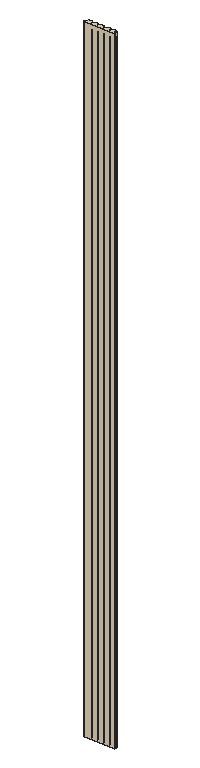
Revit family "HOB_GEN_Symphony_Cello_4B", category Generic Models, Revit 2026
Family settings
  Can host rebar = No
  Round Connector Dimension = Use Diameter
  Part Type = Normal
  Work Plane-Based = No
  Always vertical = Yes
  Cut with Voids When Loaded = No
  Maintain Annotation Orientation = No
  Shared = Yes
  Room Calculation Point = No
Parameters
  URL = "https://houseofbamboo.com.au/"
  SectionArea = 0.002 m²  # constant formula
  Model = "Symphony Cello 4B"
  Material = Bamboo_horizontalGrain
  Manufacturer = "House Of Bamboo"
  Length [instance] = 2900 mm
  Description = "140 mm x 18 mm"
  Default Elevation = 0 mm
  BambooVolume [instance] = 0.002 m² * Length  # 0.0058 m³
Reference planes
  plane 1 "Center (Front/Back)": y = 0
  plane 2: z = 0
  plane 3 "Center (Left/Right)": x = 0
  plane 4: x = 142
  plane 5: y = 18
  plane 6: z = 2900
Forms (mm)
  Extrusion 1, solid, material "Bamboo_horizontalGrain" <- "Material"
    sketch origin (0, 0, 0) x (1, 0, 0) y (0, 1, 0)
      loop
        line (141, 0) -> (141, 3.995) -> (137, 3.995) -> (137, 7.495) -> (142, 7.495) -> (142, 8.995)
        arc (142, 8.995) -> (141.562, 9.126) -> (141.267, 9.475) r 0.8
        arc (141.267, 9.475) -> (128.25, 18) -> (115.233, 9.475) r 14.2
        arc (115.233, 9.475) -> (114.5, 8.995) -> (113.767, 9.475) r 0.8
        arc (113.767, 9.475) -> (100.695, 18) -> (87.69, 9.375) r 14.2
        arc (87.69, 9.375) -> (86.95, 8.987) -> (86.267, 9.469) r 0.802
        arc (86.267, 9.469) -> (73.251, 17.997) -> (60.232, 9.474) r 14.2
        arc (60.232, 9.474) -> (59.5, 8.995) -> (58.768, 9.475) r 0.799
        arc (58.768, 9.475) -> (45.75, 18.001) -> (32.732, 9.476) r 14.202
        arc (32.732, 9.476) -> (32, 8.996) -> (31.268, 9.476) r 0.798
        arc (31.268, 9.476) -> (18.222, 18.002) -> (5.21, 9.425) r 14.202
        arc (5.21, 9.425) -> (4.915, 9.111) -> (4.5, 8.995) r 0.8
        line (4.5, 8.995) -> (4.5, 7.25) -> (0, 7.25) -> (0, 4.25) -> (4, 4.25) -> (4, 0) -> (141, 0)
    from 0 to 2900
Dimensions and locks
  plane 3 "Center (Left/Right)" to plane 4 = 142 mm
  plane 5 to plane 1 "Center (Front/Back)" = 18 mm
  "Length": plane 6 to plane 2
  aligned and locked: level to plane 2
  aligned and locked: plane 6 to Extrusion 1
  aligned and locked: Extrusion 1 to level
Automatic sketch dimensions
  Extrusion 1 sketch curve to plane 1 "Center (Front/Back)" = 3.8 mm  (x4)
  Extrusion 1 sketch curve to Extrusion 1 sketch curve = 13.75 mm  (x3)
  Extrusion 1 sketch curve to Extrusion 1 sketch curve = 13.751 mm
  Extrusion 1 sketch curve to plane 1 "Center (Front/Back)" = 3.797 mm
  Extrusion 1 sketch curve to Extrusion 1 sketch curve = 13.748 mm
  Extrusion 1 sketch curve to Extrusion 1 sketch curve = 13.754 mm
  plane 4 to Extrusion 1 sketch curve = 0 mm
  Extrusion 1 sketch curve to Extrusion 1 sketch curve = 0.8 mm
  Extrusion 1 sketch curve to plane 5 = 8.206 mm
  Extrusion 1 sketch curve to plane 5 = 8.205 mm
  Extrusion 1 sketch curve to plane 5 = 8.213 mm
  plane 3 "Center (Left/Right)" to Extrusion 1 sketch curve = 4 mm
  Extrusion 1 sketch curve to Extrusion 1 sketch curve = 0 mm  (x5)
  Extrusion 1 sketch curve to Extrusion 1 sketch curve = 1.745 mm
  Extrusion 1 sketch curve to Extrusion 1 sketch curve = 1.5 mm
  Extrusion 1 sketch curve to plane 3 "Center (Left/Right)" = 0 mm
  plane 1 "Center (Front/Back)" to Extrusion 1 sketch curve = 0 mm
  Extrusion 1 sketch curve to Extrusion 1 sketch curve = 0.5 mm
  Extrusion 1 sketch curve to plane 4 = 5 mm
  Extrusion 1 sketch curve to plane 4 = 1 mm
  Extrusion 1 sketch curve to plane 1 "Center (Front/Back)" = 4.25 mm
  Extrusion 1 sketch curve to plane 1 "Center (Front/Back)" = 3.995 mm
  Extrusion 1 sketch curve to Extrusion 1 sketch curve = 3 mm
  Extrusion 1 sketch curve to Extrusion 1 sketch curve = 3.5 mm
  Extrusion 1 sketch curve to Extrusion 1 sketch curve = 0.71 mm
  Extrusion 1 sketch curve to Extrusion 1 sketch curve = 0.732 mm
  Extrusion 1 sketch curve to Extrusion 1 sketch curve = 0.736 mm
  Extrusion 1 sketch curve to Extrusion 1 sketch curve = 0.687 mm
  Extrusion 1 sketch curve to Extrusion 1 sketch curve = 13.06 mm
  Extrusion 1 sketch curve to plane 5 = 8.525 mm
  Extrusion 1 sketch curve to Extrusion 1 sketch curve = 0.733 mm  (x2)
  Extrusion 1 sketch curve to plane 4 = 0.733 mm
